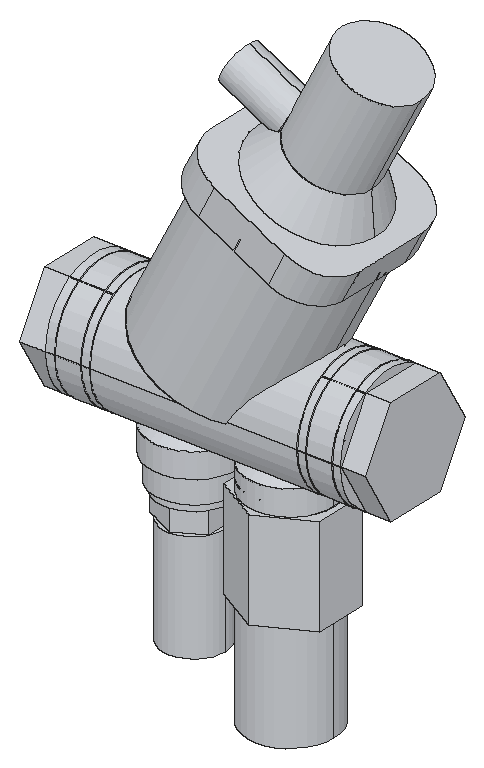
Revit family "PV_Compact_DN020_ 5-30_FF_měř-vyp_RFA_2019", category Pipe Accessories, Revit 2019
Family settings
  Round Connector Dimension = Use Diameter
  Part Type = Valve - Breaks Into
  Work Plane-Based = No
  Always vertical = Yes
  Cut with Voids When Loaded = No
  Shared = No
Parameters (values of type "PV Compact DN20 FF s měřením a vypouštěním ( 5-30kPa)")
  magiProductId = "3c7d936801344d2a9486b3d5f20c15"
  magiProductFamilyId = "88c57951ecb64b5d83dd1d4eb8fc72"
  magiPartTypeId = 304
  isMeasuringValve [instance] = no
  ang2D [instance] = 0.00°
  Z7 = 15 mm
  Z6 = 24.6 mm
  Z5 = 57.4 mm
  Z4 = 49.2 mm
  Z3 = 8.2 mm
  Z2 = 41 mm
  XR3 = 30 mm
  XR2 = 25 mm
  XR1 = 13 mm
  W2D = 15 mm
  VersionID = "2.0/2018.12.13.2/FRESE_PV_COMPACT_PLUG_Q13_001"
  Use Minimum Symbol Size [instance] = no
  URL = "www.hydronic.cz"
  Type Comments = "závitový s vnitřním závitem; s měřicí vsuvkou a vypouštěním; PN25; dpmax=450kPa; -10~+120°C"
  R5 = 5 mm
  R4 = 15 mm
  R3 = 10 mm
  R2 = 14 mm
  R1 = 19 mm
  QmdConnectorList = "301;D;302;D"
  Productdata [instance] = ""
  PH__ve = -PH  # -22.4 mm
  PH = 22.4 mm
  NL__ve = -NL  # -15.8 mm
  NL = 15.8 mm
  Manufacturer = "Hydronic Systems Prague s.r.o."
  MC Use Limits From Balancing Method = no
  MC Throttling Minimum Value = 0
  MC Throttling Maximum Value = 0
  MC Product Code = "53-3244 DN20; FF; nastavitelný rozsah dp=5~30kPa; Q=100~1000l/h;  kvs=3,5"
  MC Pressure Drop Minimum Value = 0.0 Pa
  MC Pressure Drop Maximum Value = 0.0 Pa
  MC Piping Given Pressure Drop [instance] = 0.0 Pa
  M5 = 33.7 mm
  M4 = 31.7 mm
  M3 = 25.7 mm
  M2 = 23.7 mm
  LP = 39.5 mm
  LM = 47.4 mm
  LL__ve = -LL  # -5.7 mm
  LLT__ve = -LLT  # -14.9 mm
  LLT = 14.9 mm
  LL2 = 32 mm
  LL = 5.7 mm
  L3 = 11 mm
  L2D_Min = 30.48 mm
  L2D = 65 mm
  Description = "Nastavitelný regulátor tlakové diference"
  DR1 = yes
  DR0 = no
  DL2 = 66 mm
  D = 20 mm
  CenSd_R2_6 = R2 * cos(30.00°)  # 12.124 mm
  CAT0 = yes
  C0D1 = yes
  C0D0 = no
Types (10, lengths in mm): name | magiProductId | Z6 | Z5 | Z4 | Z3 | Z2 | XR3 | XR2 | XR1 | R2 | R1 | PH__ve | PH | NL__ve | NL | MC Product Code | M5 | M4 | M3 | M2 | LP | LM | LL__ve | LLT__ve | LLT | LL2 | LL | L3 | DL2 | D | CenSd_R2_6
  PV Compact DN15 FF s měřením a vypouštěním (20-60kPa) | "ebd4dd38c61a47e78db1b31e427098" | 24.6 | 57.4 | 49.2 | 8.2 | 41 | 30 | 25 | 13 | 14 | 19 | -22.4 | 22.4 | -15 | 15 | "53-3243 DN15; FF; nastavitelný rozsah dp=20~60kPa; Q=100~1000l/h;  kvs=2,9" | 32.5 | 30.5 | 24.5 | 22.5 | 37.5 | 45 | -5.7 | -14.9 | 14.9 | 32 | 5.7 | 11 | 66 | 15 | 12.124
  PV Compact DN15 FF s měřením a vypouštěním ( 5-30kPa) | "1e13aaf8f1b54965adca1ab26bd771" | 24.6 | 57.4 | 49.2 | 8.2 | 41 | 30 | 25 | 13 | 14 | 19 | -22.4 | 22.4 | -15 | 15 | "53-3242 DN15; FF; nastavitelný rozsah dp=5~30kPa; Q=50~600l/h;  kvs=2,9" | 32.5 | 30.5 | 24.5 | 22.5 | 37.5 | 45 | -5.7 | -14.9 | 14.9 | 32 | 5.7 | 11 | 66 | 15 | 12.124
  PV Compact DN20 FF s měřením a vypouštěním (20-60kPa) | "6d4e29c475624129ae1d8630218e83" | 24.6 | 57.4 | 49.2 | 8.2 | 41 | 30 | 25 | 13 | 14 | 19 | -22.4 | 22.4 | -15.8 | 15.8 | "53-3245 DN20; FF; nastavitelný rozsah dp=20~60kPa; Q=150~2000l/h;  kvs=3,5" | 33.7 | 31.7 | 25.7 | 23.7 | 39.5 | 47.4 | -5.7 | -14.9 | 14.9 | 32 | 5.7 | 11 | 66 | 20 | 12.124
  PV Compact DN20 FF s měřením a vypouštěním ( 5-30kPa) | "3c7d936801344d2a9486b3d5f20c15" | 24.6 | 57.4 | 49.2 | 8.2 | 41 | 30 | 25 | 13 | 14 | 19 | -22.4 | 22.4 | -15.8 | 15.8 | "53-3244 DN20; FF; nastavitelný rozsah dp=5~30kPa; Q=100~1000l/h;  kvs=3,5" | 33.7 | 31.7 | 25.7 | 23.7 | 39.5 | 47.4 | -5.7 | -14.9 | 14.9 | 32 | 5.7 | 11 | 66 | 20 | 12.124
  PV Compact DN25 FF s měřením a vypouštěním ( 5-30kPa) | "40b783a088714ff8af367f7ba18a04" | 25.5 | 59.5 | 51 | 8.5 | 42.5 | 30 | 25 | 13 | 14 | 19 | -22.8 | 22.8 | -16.6 | 16.6 | "53-3251 DN25; FF; nastavitelný rozsah dp=5~30kPa; Q=600~2100l/h;  kvs=4,0" | 34.9 | 32.9 | 26.9 | 24.9 | 41.5 | 49.8 | -5.9 | -16.3 | 16.3 | 34 | 5.9 | 11 | 68 | 25 | 12.124
  PV Compact DN25L FF s měřením a vypouštěním (20-80kPa) | "7052257d0cc94620b8f60c4ac85ccd" | 40.2 | 93.8 | 80.4 | 13.4 | 67 | 42.5 | 37.5 | 25.5 | 26.5 | 31.5 | -23.6 | 23.6 | -20 | 20 | "53-3247 DN25; FF; nastavitelný rozsah dp=20~80kPa; Q=750~4200l/h;  kvs=8,7" | 40 | 38 | 32 | 30 | 50 | 60 | -6.3 | -19.1 | 19.1 | 38 | 6.3 | 11 | 72 | 25 | 22.95
  PV Compact DN25L FF s měřením a vypouštěním ( 5-30kPa) | "006ff7ff77e34fd39e52f3f4c37192" | 40.2 | 93.8 | 80.4 | 13.4 | 67 | 42.5 | 37.5 | 25.5 | 26.5 | 31.5 | -23.6 | 23.6 | -20 | 20 | "53-3246 DN25L; FF; nastavitelný rozsah dp=5~30kPa; Q=600~2500l/h;  kvs=8,7" | 40 | 38 | 32 | 30 | 50 | 60 | -6.3 | -19.1 | 19.1 | 38 | 6.3 | 11 | 72 | 25 | 22.95
  PV Compact DN32 FF s měřením a vypouštěním (20-80kPa) | "e53839f5e58040c69ad69dcf8b7122" | 40.2 | 93.8 | 80.4 | 13.4 | 67 | 42.5 | 37.5 | 25.5 | 26.5 | 31.5 | -24.6 | 24.6 | -20.8 | 20.8 | "53-3248 DN32; FF; nastavitelný rozsah dp=20~80kPa; Q=1000~5000l/h;  kvs=10,1" | 41.2 | 39.2 | 33.2 | 31.2 | 52 | 62.4 | -6.8 | -22.6 | 22.6 | 43 | 6.8 | 25 | 77 | 32 | 22.95
  PV Compact DN40 FF s měřením a vypouštěním (20-80kPa) | "edae53f0ee9843aa9c005a0dbc2db4" | 46.8 | 109.2 | 93.6 | 15.6 | 78 | 42.5 | 37.5 | 25.5 | 26.5 | 31.5 | -25.2 | 25.2 | -27.6 | 27.6 | "53-3249 DN40; FF; nastavitelný rozsah dp=20~80kPa; Q=3000~8000l/h;  kvs=15,8" | 51.4 | 49.4 | 43.4 | 41.4 | 69 | 82.8 | -7.1 | -24.7 | 24.7 | 46 | 7.1 | 25 | 80 | 40 | 22.95
  PV Compact DN50 FF s měřením a vypouštěním (20-80kPa) | "7572286e99104aaeaae4a504f9a6dd" | 46.8 | 109.2 | 93.6 | 15.6 | 78 | 42.5 | 37.5 | 25.5 | 35.25 | 31.5 | -26.4 | 26.4 | -27.6 | 27.6 | "53-3250 DN50; FF; nastavitelný rozsah dp=20~80kPa; Q=5000~11500l/h;  kvs=16,2" | 51.4 | 49.4 | 43.4 | 41.4 | 69 | 82.8 | -7.7 | -28.9 | 28.9 | 52 | 7.7 | 25 | 86 | 50 | 30.527
Reference planes
  plane 1 "Center (Front/Back)": y = 0
  plane 2 "XYPLANE": z = 0
  plane 3 "Center (Left/Right)": x = 0
  plane 4 "408": x = 39.5
  plane 5 "407": x = -39.5
  plane 6 "402": z = -66
  plane 7 "213": x = 11
  plane 8 "168": z = -10.9
  plane 9 "167": z = -12.9
  plane 10 "166": z = -18.6
  plane 11 "165": z = -24.3
  plane 12 "164": z = -26.3
  plane 13 "154": z = 0
  plane 14 "152": y = 0
  plane 15 "151": z = -32
  plane 16 "150": x = -11
  plane 17 "75": through (318.218, 0, 679.605) normal (0.891, 0, -0.454)
  plane 18 "74": x = 33.7
  plane 19 "73": x = 31.7
  plane 20 "72": x = 25.7
  plane 21 "71": x = 23.7
  plane 22 "70": x = -33.7
  plane 23 "69": x = -31.7
  plane 24 "68": x = -25.7
  plane 25 "67": y = 0
  plane 26 "66": through (-666.893, 0, 343.166) normal (0.454, 0, 0.891)
  plane 27 "65": x = -23.7
  plane 28 "64": through (335.147, 0, 670.979) normal (0.891, 0, -0.454)
  plane 29 "63": through (-649.641, 0, 377.024) normal (0.454, 0, 0.891)
  plane 30 "62": through (352.076, 0, 662.353) normal (0.891, 0, -0.454)
  plane 31 "61": y = 19
  plane 32 "60": y = -19
  plane 33 "59": through (-645.919, 0, 384.33) normal (0.454, 0, 0.891)
  plane 34 "58": through (-642.196, 0, 391.637) normal (0.454, 0, 0.891)
  plane 35 "57": through (313.763, 0, 681.875) normal (0.891, 0, -0.454)
  plane 36 "56": x = 0
  plane 37 "55": through (-668.255, 0, 340.493) normal (0.454, 0, 0.891)
  plane 38 "102XY": through (-668.255, 0, 340.493) normal (0.454, 0, 0.891)
  plane 39 "102XZ": y = 0
  plane 40 "102YZ": through (340.493, 0, 668.255) normal (0.891, 0, -0.454)
Forms (mm)
  Extrusion 1, solid
    sketch origin (39.5, -750, 0) x (0, 1, 0) y (0, 0, 1)
      loop
        line (764, 0) -> (757, 12.124) -> (743, 12.124) -> (736, 0) -> (743, -12.124) -> (757, -12.124) -> (764, 0)
    from 0 to -15.8 <- "NL__ve"
  Extrusion 2, solid
    sketch origin (-39.5, -750, 0) x (0, 1, 0) y (0, 0, 1)
      loop
        line (736, 0) -> (743, -12.124) -> (757, -12.124) -> (764, 0) -> (757, 12.124) -> (743, 12.124) -> (736, 0)
    from 0 to 15.8 <- "NL"
  Extrusion 3, solid, visible <- "C0D1"
    sketch origin (-750, 0, -66) x (1, 0, 0) y (0, 1, 0)
      loop
        circle (761, 0) r 10
    from 0 to 50
  Extrusion 4, solid, visible <- "DR1"
    sketch origin (-750, 0, -18.6) x (1, 0, 0) y (0, 1, 0)
      loop
        line (761, -12) -> (772.592, -6) -> (772.592, 6) -> (761, 12) -> (750.608, 6) -> (750.608, -6) -> (761, -12)
    from 0 to -22.4 <- "PH__ve"
  Extrusion 5, solid, visible <- "DR1"
    sketch origin (-750, 0, -18.6) x (1, 0, 0) y (0, 1, 0)
      loop
        circle (761, 0) r 10
    from 0 to 5.7 <- "LL"
  Blend 6, solid, visible <- "DR1"
    base sketch origin (-750, 0, -10.9) x (1, 0, 0) y (0, 1, 0)
      loop
        circle (761, 0) r 7.5
    top sketch origin (-750, 0, -10.9) x (1, 0, 0) y (0, 1, 0)
      loop
        circle (761, 0) r 10
    from 0 to -2
  Extrusion 7, solid, visible <- "DR1"
    sketch origin (-750, 0, 0) x (1, 0, 0) y (0, 1, 0)
      loop
        circle (761, 0) r 7.5
    from 0 to -14.9 <- "LLT__ve"
  Extrusion 8, solid, visible <- "C0D0"
    sketch origin (-750, 0, -32) x (1, 0, 0) y (0, 1, 0)
      loop
        circle (761, 0) r 6
    from 0 to -25
  Extrusion 9, solid, visible <- "DR0"
    sketch origin (-750, 0, -26.3) x (1, 0, 0) y (0, 1, 0)
      loop
        line (761, -7) -> (768.262, -3.5) -> (768.262, 3.5) -> (761, 7) -> (754.938, 3.5) -> (754.938, -3.5) -> (761, -7)
    from 0 to -5.7 <- "LL__ve"
  Extrusion 10, solid, visible <- "DR0"
    sketch origin (-750, 0, -26.3) x (1, 0, 0) y (0, 1, 0)
      loop
        circle (761, 0) r 7
    from 0 to 2
  Extrusion 11, solid, visible <- "DR0"
    sketch origin (-750, 0, -18.6) x (1, 0, 0) y (0, 1, 0)
      loop
        circle (761, 0) r 9
    from 0 to 5.7 <- "LL"
  Blend 12, solid, visible <- "DR0"
    base sketch origin (-750, 0, -10.9) x (1, 0, 0) y (0, 1, 0)
      loop
        circle (761, 0) r 6.5
    top sketch origin (-750, 0, -10.9) x (1, 0, 0) y (0, 1, 0)
      loop
        circle (761, 0) r 9
    from 0 to -2
  Extrusion 13, solid, visible <- "DR0"
    sketch origin (-750, 0, 0) x (1, 0, 0) y (0, 1, 0)
      loop
        circle (761, 0) r 6.5
    from 0 to -14.9 <- "LLT__ve"
  Extrusion 14, solid, visible <- "DR0"
    sketch origin (-750, 0, 0) x (1, 0, 0) y (0, 1, 0)
      loop
        circle (761, 0) r 6.5
    from 0 to -14.9 <- "LLT__ve"
  Blend 15, solid, visible <- "DR0"
    base sketch origin (-750, 0, -10.9) x (1, 0, 0) y (0, 1, 0)
      loop
        circle (761, 0) r 6.5
    top sketch origin (-750, 0, -10.9) x (1, 0, 0) y (0, 1, 0)
      loop
        circle (761, 0) r 9
    from 0 to -2
  Extrusion 16, solid, visible <- "DR0"
    sketch origin (-750, 0, -18.6) x (1, 0, 0) y (0, 1, 0)
      loop
        circle (761, 0) r 9
    from 0 to 5.7 <- "LL"
  Extrusion 17, solid, visible <- "DR0"
    sketch origin (-750, 0, -24.3) x (1, 0, 0) y (0, 1, 0)
      loop
        circle (761, 0) r 8
    from 0 to 5.7 <- "LL"
  Extrusion 18, solid, visible <- "DR0"
    sketch origin (-750, 0, -26.3) x (1, 0, 0) y (0, 1, 0)
      loop
        circle (761, 0) r 7
    from 0 to 2
  Extrusion 19, solid, visible <- "DR0"
    sketch origin (-750, 0, -26.3) x (1, 0, 0) y (0, 1, 0)
      loop
        line (761, -7) -> (768.262, -3.5) -> (768.262, 3.5) -> (761, 7) -> (754.938, 3.5) -> (754.938, -3.5) -> (761, -7)
    from 0 to -5.7 <- "LL__ve"
  Extrusion 20, solid, visible <- "C0D0"
    sketch origin (-750, 0, -32) x (1, 0, 0) y (0, 1, 0)
      loop
        circle (761, 0) r 6
    from 0 to -25
  Extrusion 21, solid, visible <- "CAT0"
    sketch origin (-750, 0, -32) x (1, 0, 0) y (0, 1, 0)
      loop
        circle (739, 0) r 7.2
    from 0 to -25
  Extrusion 22, solid
    sketch origin (-750, 0, -26.3) x (1, 0, 0) y (0, 1, 0)
      loop
        line (739, -7) -> (745.062, -3.5) -> (745.062, 3.5) -> (739, 7) -> (731.738, 3.5) -> (731.738, -3.5) -> (739, -7)
    from 0 to -5.7 <- "LL__ve"
  Extrusion 23, solid
    sketch origin (-750, 0, -26.3) x (1, 0, 0) y (0, 1, 0)
      loop
        circle (739, 0) r 8.2
    from 0 to 2
  Extrusion 24, solid
    sketch origin (-750, 0, -24.3) x (1, 0, 0) y (0, 1, 0)
      loop
        circle (739, 0) r 9.2
    from 0 to 5.7 <- "LL"
  Extrusion 25, solid
    sketch origin (-750, 0, -18.6) x (1, 0, 0) y (0, 1, 0)
      loop
        circle (739, 0) r 10.2
    from 0 to 5.7 <- "LL"
  Blend 26, solid
    base sketch origin (-750, 0, -10.9) x (1, 0, 0) y (0, 1, 0)
      loop
        circle (739, 0) r 7.7
    top sketch origin (-750, 0, -10.9) x (1, 0, 0) y (0, 1, 0)
      loop
        circle (739, 0) r 10.2
    from 0 to -2
  Extrusion 27, solid
    sketch origin (-750, 0, 0) x (1, 0, 0) y (0, 1, 0)
      loop
        circle (739, 0) r 7.7
    from 0 to -14.9 <- "LLT__ve"
  Blend 28, solid, visible <- "CAT0"
    base sketch origin (31.7, -750, 0) x (0, 1, 0) y (0, 0, 1)
      loop
        circle (750, 0) r 14
    top sketch origin (31.7, -750, 0) x (0, 1, 0) y (0, 0, 1)
      loop
        circle (750, 0) r 14
    from 0 to 2
  Extrusion 29, solid, visible <- "CAT0"
    sketch origin (25.7, -750, 0) x (0, 1, 0) y (0, 0, 1)
      loop
        circle (750, 0) r 14
    from 0 to 6
  Blend 30, solid, visible <- "CAT0"
    base sketch origin (23.7, -750, 0) x (0, 1, 0) y (0, 0, 1)
      loop
        circle (750, 0) r 14
    top sketch origin (23.7, -750, 0) x (0, 1, 0) y (0, 0, 1)
      loop
        circle (750, 0) r 14
    from 0 to 2
  Blend 31, solid, visible <- "CAT0"
    base sketch origin (-31.7, -750, 0) x (0, 1, 0) y (0, 0, 1)
      loop
        circle (750, 0) r 14
    top sketch origin (-31.7, -750, 0) x (0, 1, 0) y (0, 0, 1)
      loop
        circle (750, 0) r 14
    from 0 to -2
  Extrusion 32, solid, visible <- "CAT0"
    sketch origin (-31.7, -750, 0) x (0, 1, 0) y (0, 0, 1)
      loop
        circle (750, 0) r 14
    from 0 to 6
  Blend 33, solid, visible <- "CAT0"
    base sketch origin (-25.7, -750, 0) x (0, 1, 0) y (0, 0, 1)
      loop
        circle (750, 0) r 14
    top sketch origin (-25.7, -750, 0) x (0, 1, 0) y (0, 0, 1)
      loop
        circle (750, 0) r 14
    from 0 to 2
  Extrusion 34, solid, visible <- "CAT0"
    sketch origin (-23.7, -750, 0) x (0, 1, 0) y (0, 0, 1)
      loop
        circle (750, 0) r 14
    from 0 to 47.4 <- "LM"
  Extrusion 35, solid, visible <- "CAT0"
    sketch origin (-666.893, 0, 343.166) x (0.891007, 0, -0.45399) y (0, 1, 0)
      loop
        circle (744, 0) r 19
    from 0 to 41 <- "Z2"
  Extrusion 36, solid, visible <- "CAT0"
    sketch origin (-649.641, 0, 377.024) x (0.891007, 0, -0.45399) y (0, 1, 0)
      loop
        arc (735, 19) -> (727.929, 16.071) -> (725, 9) r 10
        line (725, 9) -> (725, -9)
        arc (725, -9) -> (727.929, -16.071) -> (735, -19) r 10
        line (735, -19) -> (753, -19)
        arc (753, -19) -> (760.071, -16.071) -> (763, -9) r 10
        line (763, -9) -> (763, 9)
        arc (763, 9) -> (760.071, 16.071) -> (753, 19) r 10
        line (753, 19) -> (735, 19)
    from 0 to 8.2 <- "Z3"
  Blend 37, solid, visible <- "CAT0"
    base sketch origin (-645.919, 0, 384.33) x (0.891007, 0, -0.45399) y (0, 1, 0)
      loop
        circle (744, 0) r 15
    top sketch origin (-645.919, 0, 384.33) x (0.891007, 0, -0.45399) y (0, 1, 0)
      loop
        circle (744, 0) r 10
    from 0 to 8.2
  Extrusion 38, solid, visible <- "CAT0"
    sketch origin (-642.196, 0, 391.637) x (0.891007, 0, -0.45399) y (0, 1, 0)
      loop
        circle (744, 0) r 10
    from 0 to 24.6 <- "Z6"
  Extrusion 39, solid, visible <- "CAT0"
    sketch origin (313.763, 0, 681.875) x (-0.45399, 0, -0.891007) y (0, 1, 0)
      loop
        circle (692.6, 0) r 5
    from 0 to 15 <- "Z7"
  Blend 40, solid, visible <- "CAT0"
    base sketch origin (-668.255, 0, 340.493) x (0.891007, 0, -0.45399) y (0, 1, 0)
      loop
        circle (744, 0) r 15
    top sketch origin (-668.255, 0, 340.493) x (0.891007, 0, -0.45399) y (0, 1, 0)
      loop
        circle (744, 0) r 19
    from 0 to 3
  Extrusion 41, solid, not visible
    sketch origin (-33.7, -750, 0) x (0, 1, 0) y (0, 0, 1)
      loop
        circle (750, 0) r 10
    from 0 to 10
  Extrusion 42, solid, not visible
    sketch origin (33.7, -750, 0) x (0, 1, 0) y (0, 0, 1)
      loop
        circle (750, 0) r 10
    from 0 to -10
Lines and regions (mm)
  reference lines, not visible
    curve 1: circle (2, 2, 0) r 1 normal (0, 0, 1)
  reference lines
    curve 2: line (39.5, 0, 0) -> (39.5, -3.5, 6.062)
    curve 3: line (39.5, 0, 0) -> (39.5, -7, 0)
    curve 4: line (39.5, 0, 0) -> (39.5, -3.5, -6.062)
    curve 5: line (-39.5, 0, 0) -> (-39.5, 3.5, 6.062)
    curve 6: line (-39.5, 0, 0) -> (-39.5, 7, 0)
    curve 7: line (-39.5, 0, 0) -> (-39.5, 3.5, -6.062)
Dimensions and locks
  plane 1 "Center (Front/Back)" to curve 1 = 2 mm
  "LP": plane 36 "56" to plane 4 "408"
  "LP": plane 36 "56" to plane 5 "407"
  "DL2": plane 2 "XYPLANE" to plane 6 "402"
  "L3": plane 3 "Center (Left/Right)" to plane 7 "213"
  locked: plane 9 "167" to plane 8 "168" at 2
  "LL": plane 10 "166" to plane 9 "167"
  "LL": plane 11 "165" to plane 10 "166"
  locked: plane 12 "164" to plane 11 "165" at 2
  "LL": plane 15 "151" to plane 12 "164"
  locked: plane 2 "XYPLANE" to plane 13 "154"
  locked: plane 1 "Center (Front/Back)" to plane 14 "152"
  "LL2": plane 2 "XYPLANE" to plane 15 "151"
  "L3": plane 3 "Center (Left/Right)" to plane 16 "150"
  "XR2": plane 40 "102YZ" to plane 17 "75"
  "M5": plane 3 "Center (Left/Right)" to plane 18 "74"
  "M4": plane 3 "Center (Left/Right)" to plane 19 "73"
  "M3": plane 3 "Center (Left/Right)" to plane 20 "72"
  "M2": plane 3 "Center (Left/Right)" to plane 21 "71"
  "M5": plane 3 "Center (Left/Right)" to plane 22 "70"
  "M4": plane 3 "Center (Left/Right)" to plane 23 "69"
  "M3": plane 3 "Center (Left/Right)" to plane 24 "68"
  locked: plane 14 "152" to plane 25 "67"
  locked: plane 38 "102XY" to plane 26 "66" at 3
  "M2": plane 3 "Center (Left/Right)" to plane 27 "65"
  locked: plane 40 "102YZ" to plane 28 "64" at 6
  "Z2": plane 38 "102XY" to plane 29 "63"
  "XR1": plane 40 "102YZ" to plane 30 "62"
  "R1": plane 14 "152" to plane 31 "61"
  "R1": plane 14 "152" to plane 32 "60"
  "Z4": plane 38 "102XY" to plane 33 "59"
  "Z5": plane 38 "102XY" to plane 34 "58"
  "XR3": plane 40 "102YZ" to plane 35 "57"
  locked: plane 3 "Center (Left/Right)" to plane 36 "56"
  locked: plane 38 "102XY" to plane 37 "55"
  "CenSd_R2_6": curve 2 to Extrusion 1 sketch curve  (x2)
  "CenSd_R2_6": curve 3 to Extrusion 1 sketch curve  (x2)
  "CenSd_R2_6": curve 4 to Extrusion 1 sketch curve  (x2)
  Extrusion 1 sketch curve to Extrusion 1 sketch curve = 0 mm  (x12)
  "CenSd_R2_6": curve 5 to Extrusion 2 sketch curve  (x2)
  "CenSd_R2_6": curve 6 to Extrusion 2 sketch curve  (x2)
  "CenSd_R2_6": curve 7 to Extrusion 2 sketch curve  (x2)
  Extrusion 2 sketch curve to Extrusion 2 sketch curve = 0 mm  (x12)
  Extrusion 4 sketch curve to Extrusion 4 sketch curve = 0 mm  (x12)
  Extrusion 9 sketch curve to Extrusion 9 sketch curve = 0 mm  (x12)
  Extrusion 19 sketch curve to Extrusion 19 sketch curve = 0 mm  (x12)
  Extrusion 22 sketch curve to Extrusion 22 sketch curve = 0 mm  (x12)
  Extrusion 36 sketch curve to Extrusion 36 sketch curve = 0 mm  (x16)
  "R2": radius of Blend 28 sketch curve  (x2)
  "R2": radius of Extrusion 29 sketch curve
  "R2": radius of Blend 30 sketch curve  (x2)
  "R2": radius of Blend 31 sketch curve  (x2)
  "R2": radius of Extrusion 32 sketch curve
  "R2": radius of Blend 33 sketch curve  (x2)
  "R2": radius of Extrusion 34 sketch curve
  "R1": radius of Extrusion 35 sketch curve
  radius of Extrusion 36 sketch curve = 10 mm  (x4)
  "R3": radius of Blend 37 sketch curve
  "R4": radius of Blend 37 sketch curve
  "R3": radius of Extrusion 38 sketch curve
  "R5": radius of Extrusion 39 sketch curve
  "R1": radius of Blend 40 sketch curve
  locked: curve 3 to curve 2 (angle 60.00°)
  locked: curve 4 to curve 3 (angle 60.00°)
  locked: curve 4 to curve 2 (angle 120.00°)
  locked: curve 6 to curve 5 (angle 60.00°)
  locked: curve 7 to curve 6 (angle 60.00°)
  locked: curve 7 to curve 5 (angle 120.00°)
  aligned and locked: level to plane 2 "XYPLANE"
  aligned and locked: plane 13 "154" to curve 4
  aligned and locked: curve 4 to plane 14 "152"
  aligned and locked: plane 13 "154" to curve 7
  aligned and locked: curve 7 to plane 14 "152"
  aligned and locked: plane 7 "213" to Extrusion 3 sketch curve
  aligned and locked: plane 14 "152" to Extrusion 3 sketch curve
  aligned and locked: plane 7 "213" to Extrusion 5 sketch curve
  aligned and locked: plane 14 "152" to Extrusion 5 sketch curve
  aligned and locked: plane 7 "213" to Blend 6 sketch curve  (x2)
  aligned and locked: plane 14 "152" to Blend 6 sketch curve  (x2)
  aligned and locked: Blend 6 to plane 9 "167"
  aligned and locked: plane 7 "213" to Extrusion 7 sketch curve
  aligned and locked: plane 14 "152" to Extrusion 7 sketch curve
  aligned and locked: plane 7 "213" to Extrusion 8 sketch curve
  aligned and locked: plane 14 "152" to Extrusion 8 sketch curve
  aligned and locked: plane 7 "213" to Extrusion 10 sketch curve
  aligned and locked: plane 14 "152" to Extrusion 10 sketch curve
  aligned and locked: plane 7 "213" to Extrusion 11 sketch curve
  aligned and locked: plane 14 "152" to Extrusion 11 sketch curve
  aligned and locked: plane 7 "213" to Blend 12 sketch curve  (x2)
  aligned and locked: plane 14 "152" to Blend 12 sketch curve  (x2)
  aligned and locked: Blend 12 to plane 9 "167"
  aligned and locked: plane 7 "213" to Extrusion 13 sketch curve
  aligned and locked: plane 14 "152" to Extrusion 13 sketch curve
  aligned and locked: plane 7 "213" to Extrusion 14 sketch curve
  aligned and locked: plane 14 "152" to Extrusion 14 sketch curve
  aligned and locked: plane 7 "213" to Blend 15 sketch curve  (x2)
  aligned and locked: plane 14 "152" to Blend 15 sketch curve  (x2)
  aligned and locked: Blend 15 to plane 9 "167"
  aligned and locked: plane 7 "213" to Extrusion 16 sketch curve
  aligned and locked: plane 14 "152" to Extrusion 16 sketch curve
  aligned and locked: plane 7 "213" to Extrusion 17 sketch curve
  aligned and locked: plane 14 "152" to Extrusion 17 sketch curve
  aligned and locked: plane 7 "213" to Extrusion 18 sketch curve
  aligned and locked: plane 14 "152" to Extrusion 18 sketch curve
  aligned and locked: plane 7 "213" to Extrusion 20 sketch curve
  aligned and locked: plane 14 "152" to Extrusion 20 sketch curve
  aligned and locked: plane 14 "152" to Extrusion 21 sketch curve
  aligned and locked: plane 16 "150" to Extrusion 21 sketch curve
  aligned and locked: plane 14 "152" to Extrusion 23 sketch curve
  aligned and locked: plane 16 "150" to Extrusion 23 sketch curve
  aligned and locked: plane 14 "152" to Extrusion 24 sketch curve
  aligned and locked: plane 16 "150" to Extrusion 24 sketch curve
  aligned and locked: plane 14 "152" to Extrusion 25 sketch curve
  aligned and locked: plane 16 "150" to Extrusion 25 sketch curve
  aligned and locked: plane 14 "152" to Blend 26 sketch curve  (x2)
  aligned and locked: plane 16 "150" to Blend 26 sketch curve  (x2)
  aligned and locked: Blend 26 to plane 9 "167"
  aligned and locked: plane 14 "152" to Extrusion 27 sketch curve
  aligned and locked: plane 16 "150" to Extrusion 27 sketch curve
  aligned and locked: plane 13 "154" to Blend 28 sketch curve  (x2)
  aligned and locked: Blend 28 sketch curve to plane 14 "152"  (x2)
  aligned and locked: plane 18 "74" to Blend 28
  aligned and locked: plane 13 "154" to Extrusion 29 sketch curve
  aligned and locked: Extrusion 29 sketch curve to plane 14 "152"
  aligned and locked: plane 13 "154" to Blend 30 sketch curve  (x2)
  aligned and locked: Blend 30 sketch curve to plane 14 "152"  (x2)
  aligned and locked: plane 20 "72" to Blend 30
  aligned and locked: plane 13 "154" to Blend 31 sketch curve  (x2)
  aligned and locked: Blend 31 sketch curve to plane 14 "152"  (x2)
  aligned and locked: Blend 31 to plane 22 "70"
  aligned and locked: plane 13 "154" to Extrusion 32 sketch curve
  aligned and locked: Extrusion 32 sketch curve to plane 14 "152"
  aligned and locked: plane 13 "154" to Blend 33 sketch curve  (x2)
  aligned and locked: Blend 33 sketch curve to plane 14 "152"  (x2)
  aligned and locked: plane 27 "65" to Blend 33
  aligned and locked: plane 13 "154" to Extrusion 34 sketch curve
  aligned and locked: Extrusion 34 sketch curve to plane 14 "152"
  aligned and locked: plane 25 "67" to Extrusion 35 sketch curve
  aligned and locked: Extrusion 35 sketch curve to plane 28 "64"
  aligned and locked: Extrusion 36 sketch curve to plane 17 "75"
  aligned and locked: Extrusion 36 sketch curve to plane 32 "60"
  aligned and locked: Extrusion 36 sketch curve to plane 30 "62"
  aligned and locked: plane 31 "61" to Extrusion 36 sketch curve
  aligned and locked: plane 25 "67" to Blend 37 sketch curve  (x2)
  aligned and locked: Blend 37 sketch curve to plane 28 "64"  (x2)
  aligned and locked: plane 34 "58" to Blend 37
  aligned and locked: plane 25 "67" to Extrusion 38 sketch curve
  aligned and locked: Extrusion 38 sketch curve to plane 28 "64"
  aligned and locked: plane 25 "67" to Extrusion 39 sketch curve
  aligned and locked: plane 34 "58" to Extrusion 39 sketch curve
  aligned and locked: plane 25 "67" to Blend 40 sketch curve  (x2)
  aligned and locked: Blend 40 sketch curve to plane 28 "64"  (x2)
  aligned and locked: plane 26 "66" to Blend 40
  aligned and locked: plane 13 "154" to Extrusion 41 sketch curve
  aligned and locked: Extrusion 41 sketch curve to plane 14 "152"
  aligned and locked: plane 13 "154" to Extrusion 42 sketch curve
  aligned and locked: Extrusion 42 sketch curve to plane 14 "152"
Automatic sketch dimensions
  plane 3 "Center (Left/Right)" to Extrusion 3 sketch curve = 1 mm
  Extrusion 4 sketch curve to plane 7 "213" = 0 mm  (x2)
  plane 3 "Center (Left/Right)" to Extrusion 4 sketch curve = 0.608 mm
  Extrusion 4 sketch curve to plane 21 "71" = 1.108 mm
  plane 32 "60" to Extrusion 4 sketch curve = 7 mm
  plane 1 "Center (Front/Back)" to Extrusion 4 sketch curve = 6 mm  (x2)
  Extrusion 4 sketch curve to plane 1 "Center (Front/Back)" = 6 mm  (x2)
  Extrusion 4 sketch curve to plane 31 "61" = 7 mm
  plane 3 "Center (Left/Right)" to Extrusion 5 sketch curve = 1 mm
  plane 3 "Center (Left/Right)" to Blend 6 sketch curve = 3.5 mm
  plane 3 "Center (Left/Right)" to Blend 6 sketch curve = 1 mm
  plane 3 "Center (Left/Right)" to Extrusion 7 sketch curve = 3.5 mm
  plane 3 "Center (Left/Right)" to Extrusion 8 sketch curve = 5 mm
  Extrusion 9 sketch curve to plane 7 "213" = 0 mm  (x2)
  plane 3 "Center (Left/Right)" to Extrusion 9 sketch curve = 4.938 mm
  Extrusion 9 sketch curve to plane 21 "71" = 5.438 mm
  plane 1 "Center (Front/Back)" to Extrusion 9 sketch curve = 7 mm
  plane 1 "Center (Front/Back)" to Extrusion 9 sketch curve = 3.5 mm  (x2)
  Extrusion 9 sketch curve to plane 1 "Center (Front/Back)" = 3.5 mm  (x2)
  Extrusion 9 sketch curve to Extrusion 9 sketch curve = 3.5 mm
  plane 3 "Center (Left/Right)" to Extrusion 10 sketch curve = 4 mm
  plane 3 "Center (Left/Right)" to Extrusion 11 sketch curve = 2 mm
  plane 3 "Center (Left/Right)" to Blend 12 sketch curve = 4.5 mm
  plane 3 "Center (Left/Right)" to Blend 12 sketch curve = 2 mm
  plane 3 "Center (Left/Right)" to Extrusion 13 sketch curve = 4.5 mm
  plane 3 "Center (Left/Right)" to Extrusion 14 sketch curve = 4.5 mm
  plane 3 "Center (Left/Right)" to Blend 15 sketch curve = 4.5 mm
  plane 3 "Center (Left/Right)" to Blend 15 sketch curve = 2 mm
  plane 3 "Center (Left/Right)" to Extrusion 16 sketch curve = 2 mm
  plane 3 "Center (Left/Right)" to Extrusion 17 sketch curve = 3 mm
  plane 3 "Center (Left/Right)" to Extrusion 18 sketch curve = 4 mm
  Extrusion 19 sketch curve to plane 7 "213" = 0 mm  (x2)
  plane 3 "Center (Left/Right)" to Extrusion 19 sketch curve = 4.938 mm
  Extrusion 19 sketch curve to plane 21 "71" = 5.438 mm
  plane 1 "Center (Front/Back)" to Extrusion 19 sketch curve = 7 mm
  plane 1 "Center (Front/Back)" to Extrusion 19 sketch curve = 3.5 mm  (x2)
  Extrusion 19 sketch curve to plane 1 "Center (Front/Back)" = 3.5 mm  (x2)
  Extrusion 19 sketch curve to Extrusion 19 sketch curve = 3.5 mm
  plane 3 "Center (Left/Right)" to Extrusion 20 sketch curve = 5 mm
  plane 27 "65" to Extrusion 21 sketch curve = 5.5 mm
  Extrusion 22 sketch curve to plane 16 "150" = 0 mm  (x2)
  plane 27 "65" to Extrusion 22 sketch curve = 5.438 mm
  Extrusion 22 sketch curve to plane 3 "Center (Left/Right)" = 4.938 mm
  plane 1 "Center (Front/Back)" to Extrusion 22 sketch curve = 7 mm
  plane 1 "Center (Front/Back)" to Extrusion 22 sketch curve = 3.5 mm  (x2)
  Extrusion 22 sketch curve to plane 1 "Center (Front/Back)" = 3.5 mm  (x2)
  Extrusion 22 sketch curve to Extrusion 22 sketch curve = 3.5 mm
  plane 27 "65" to Extrusion 23 sketch curve = 4.5 mm
  plane 27 "65" to Extrusion 24 sketch curve = 3.5 mm
  plane 27 "65" to Extrusion 25 sketch curve = 2.5 mm
  plane 27 "65" to Blend 26 sketch curve = 5 mm
  plane 27 "65" to Blend 26 sketch curve = 2.5 mm
  plane 27 "65" to Extrusion 27 sketch curve = 5 mm
  plane 17 "75" to Blend 40 sketch curve = 4 mm
  plane 32 "60" to Extrusion 41 sketch curve = 9 mm
  plane 32 "60" to Extrusion 42 sketch curve = 9 mm
  plane 3 "Center (Left/Right)" to curve 1 = 2 mm
  radius of curve 1 = 1 mm
Connectors
  piping at (-33.7, 0, 0), diameter 20, driven by "D"
    settings: on Extrusion 41, index 1, connector inside diameter 609.6 mm, connector length 0 mm, flow factor 0, pipe flow 0.0 L/s, pressure drop 0.0 Pa, fitting loss kfactor 0, connector angle 0.00°, fixture units 0, engagement length 0 mm, angle of deflection 0.00°, flow configuration 0, flow direction 0, fitting loss method 0, system type 29, joint type 0, gender type 0, connector reference index 2, connector utility 0, adjustable connector no, is connector primary yes, connector description ""
  piping at (33.7, 0, 0), diameter 20, driven by "D"
    settings: on Extrusion 42, index 2, connector inside diameter 609.6 mm, connector length 0 mm, flow factor 0, pipe flow 0.0 L/s, pressure drop 0.0 Pa, fitting loss kfactor 0, connector angle 0.00°, fixture units 0, engagement length 0 mm, angle of deflection 0.00°, flow configuration 0, flow direction 0, fitting loss method 0, system type 29, joint type 0, gender type 0, connector reference index 1, connector utility 0, adjustable connector no, is connector primary no, connector description ""
